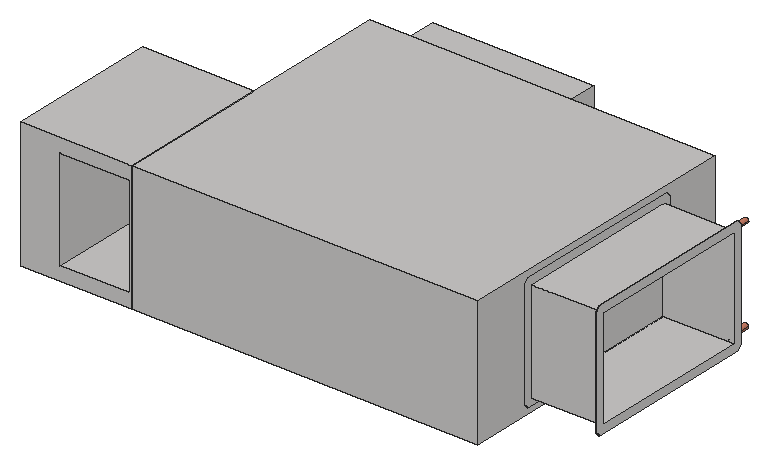
Revit family
Parameters
  Width = 3' - 1"
  Voltage = 120 V
  Unit Weight = if(and(Size Option = 1, Number of Rows = 1), "189.0 lbs", if(and(Size Option = 1, Number of Rows = 2), "192.0 lbs", if(and(Size Option = 2, Number of Rows = 1), "194.0 lbs", if(and(Size Option = 2, Number of Rows = 2), "197.0 lbs", "0"))))  # "189.0 lbs"
  UltraLoc Liner = Choose Liner Option = 3  # no
  URL = "http://www.titus-hvac.com/"
  UL = "181"
  Supply Air Flow [instance] = 0 CFM
  SteriLoc Liner = Choose Liner Option = 2  # no
  Size Option = 1
  Size C = Size Option = 2  # no
  Size B = Size Option = 1  # yes
  Secondary Material = Copper Connectors
  Primary Air Pressure Drop [instance] = 0.00 in-wg
  Primary Air Flow [instance] = 0 CFM
  Pressure [instance] = 0.00 psi
  Plenum Air Pressure Drop [instance] = 0.00 in-wg
  Plenum Air Flow [instance] = 0 CFM
  Outlet Width = 1' - 8 1/2"
  Outlet Height = 1' - 0 1/2"
  Number of Rows = 1
  Number of Poles = 1
  Nominal Width = Width + 0' 6 1/4"  # 3' - 7 1/4"
  Nominal Length = Length + 1' 1 7/8" + 0' 9"  # 5' - 5 7/8"
  Nominal Inlet Size = 0' - 6"
  Nominal Height = 1' - 4"
  NFPA = "90A"
  Motor Full Load Amps [instance] = 2.3 A
  Model = "DTFS-F"
  Min. Air Flow = 0 CFM
  Max. Air Flow = 500 CFM
  Material = Galvanized Steel
  Manufacturer = "Titus"
  Length = 3' - 7"
  Juction Box Offset = 0' - 2 7/8"
  Inlet Diameter = Nominal Inlet Size - 0' 0 1/8"  # 0' - 5 7/8"
  Induced Air Inlet Width = 1' - 1 7/8"
  Induced Air Inlet Offset = (Height - Induced Air Inlet Connection Height) / 2  # 0' - 1 11/16"
  Induced Air Inlet Height = 1' - 7"
  Induced Air Inlet Connection Width = 0' - 8 3/4"
  Induced Air Inlet Connection Height = 1' - 0 5/8"
  Induced Air Filter = no
  Height = 1' - 4"
  Heating Total Capacity [instance] = 0 Btu/h
  Heating Entering Water Temp = 0 °F
  Half Outlet Connection Width = Outlet Width / 2  # 0' - 10 1/4"
  Half Outlet Connection Height = Outlet Height / 2  # 0' - 6 1/4"
  Half Height Start = -(Height / 2)  # -0' - 8"
  Half Height End = Height / 2  # 0' - 8"
  HWC Option = HWC Section : B-C - 1 Row
  HWC Connector Radius = 5/16"
  HP-Motor = "1/6"
  Gallons Per Minute [instance] = 0 GPM
  Frequency = 60 Hz
  Flange Offset = 0' - 1"
  Filter Size = "11\"x14\""
  Fiber Free Liner = Choose Liner Option = 1  # no
  Fan Disconnect Switch = no
  Duct Radius = Nominal Inlet Size / 2  # 0' - 3"
  Description = "Ultra Quiet Series Fan Powered Terminal Unit, Direct Digital Control, Pressure Independent"
  Connector Vertical Offset = 0' - 11 3/4"
  HWC Connector Length = 0' - 3"
  Connector Horizontal Offset = if(Number of Rows = 1, 0' 0", if(Number of Rows = 2, 0' 1", 0' 0"))  # 0' - 0"
  Connection Void Radius = Connection Radius - 0' 0 1/4"  # 0' - 2 11/16"
  Connection Radius = Inlet Diameter / 2  # 0' - 2 15/16"
  Choose Liner Option = 0
  CADworks URL = "www.CADworks.net"
  Assembly Code = "D3040100"
  Apparent Power [instance] = Voltage * Motor Full Load Amps  # 276 VA
  Air Inlet Offset = 0' - 6"
  1/2" Fiberglass Liner = Choose Liner Option = 0  # yes
  1" Fiberglass Liner = Choose Liner Option = 4  # no
Reference planes (in)
  plane 1 "Center (Front/Back)": y = 0
  plane 2: z = 0
  plane 3 "Center (Left/Right)": x = 3
  plane 4: x = -18.5
  plane 5: x = 24.5
  plane 6: x = -15.625
  plane 7: x = -21.875
  plane 8: z = 0
  plane 9: y = -18.5
  plane 10: y = 18.5
  plane 11: y = 12.5
  plane 12: z = 0
  plane 13: x = 33.5
  plane 14: x = 32.5
  plane 15: y = 13.25
  plane 16: y = 10.25
  plane 17: z = 5.875
  plane 18: z = -5.875
  plane 19: x = 32.5
  plane 20: y = 24.75
  plane 21: x = -32.375
  plane 22: z = 8
  plane 23: z = -8
Forms (in)
  Extrusion 1, solid, material "Galvanized Steel" <- "Material"
    sketch origin (0, 0, 0) x (1, 0, 0) y (0, 1, 0)
      loop
        line (-18.5, 18.5) -> (-18.5, -18.5) -> (24.5, -18.5) -> (24.5, 18.5) -> (-18.5, 18.5)
    from -8 <- "Half Height Start" to 8 <- "Half Height End"
  Extrusion 2, solid, material "Galvanized Steel" <- "Material"
    sketch origin (0, 0, 0) x (1, 0, 0) y (0, 1, 0)
      loop
        line (-32.375, 0.5) -> (-32.375, -18.5) -> (-18.5, -18.5) -> (-18.5, 0.5) -> (-32.375, 0.5)
    from -8 <- "Half Height Start" to 8 <- "Half Height End"
  Extrusion 3, void
    sketch origin (0, -18.5, 0) x (1, 0, 0) y (0, 0, -1)
      loop
        line (-18.75, 6.3125) -> (-27.5, 6.3125) -> (-27.5, -6.3125) -> (-18.75, -6.3125) -> (-18.75, 6.3125)
    from 0 to 16
  Extrusion 4, solid, material "Galvanized Steel" <- "Material"
    sketch origin (3, 0, 30) x (1, 0, 0) y (0, 1, 0)
      loop
        line (-18.625, 18.5) -> (1.375, 18.5) -> (1.375, 24.75) -> (-18.625, 24.75) -> (-18.625, 18.5)
    from -36 to -24
  Extrusion 5, solid, material "Galvanized Steel" <- "Material"
    sketch origin (-24.875, -2, 0) x (0, 0, -1) y (0, 1, 0)
      loop
        circle (0, 14.5) r 2.9375
    from 3 to 6.375
  Extrusion 6, void
    sketch origin (-24.875, 0, 0) x (0, 1, 0) y (0, 0, 1)
      loop
        circle (12.5, 0) r 2.6875
    from 3 to 9.25
  Extrusion 7, void, detail levels fine
    sketch origin (33.5, -10.25, 6.25) x (0, 0, 1) y (0, -1, 0)
      loop
        line (-12.5, 0) -> (-12.5, -20.5) -> (0, -20.5) -> (0, 0) -> (-12.5, 0)
    from -0.0625 to 0
  Extrusion 8, solid, material "Copper Connectors" <- "Secondary Material", detail levels fine
    sketch origin (0, 0, 0) x (1, 0, 0) y (0, 0, 1)
      loop
        circle (32.5, 5.875) r 0.3125
    from -13.25 to -10.3125
  Extrusion 9, solid, material "Copper Connectors" <- "Secondary Material", detail levels fine
    sketch origin (0, 0, 0) x (1, 0, 0) y (0, 0, 1)
      loop
        circle (32.5, -5.875) r 0.3125
    from -13.25 to -10.3125
Cuts and joins
  Extrusion 3 cuts Extrusion 2
  Extrusion 6 cuts Extrusion 1
  Extrusion 6 cuts Extrusion 5
Dimensions and locks (in)
  "Length": plane 5 to plane 4
  equal spacing: plane 5, plane 3 "Center (Left/Right)", plane 4
  locked: Extrusion 4 to plane 6 at 0
  locked: Extrusion 4 to Extrusion 4 at 20
  "Juction Box Offset": plane 6 to plane 4
  locked: plane 4 to plane 7 at 3.375
  "Width": plane 9 to plane 10
  equal spacing: plane 9, plane 1 "Center (Front/Back)", plane 10
  locked: Extrusion 5 sketch curve to level at 0
  locked: Extrusion 5 sketch curve to plane 11 at 0
  locked: Extrusion 6 sketch curve to level at 0
  locked: Extrusion 6 sketch curve to plane 11 at 0
  locked: Extrusion 4 to Extrusion 4 at 6.25
  locked: Extrusion 4 to Extrusion 4 at 12
  equal spacing: Extrusion 4, plane 8, Extrusion 4
  "Air Inlet Offset": plane 10 to plane 11
  "Induced Air Inlet Height": cut or joined group of Extrusion 2, Extrusion 3 to cut or joined group of Extrusion 2, Extrusion 3
  locked: cut or joined group of Extrusion 5, Extrusion 6 to cut or joined group of Extrusion 5, Extrusion 6 at 3.375
  "Induced Air Inlet Connection Height": Extrusion 3 sketch curve to Extrusion 3 sketch curve
  "Induced Air Inlet Offset": Extrusion 3 sketch curve to cut or joined group of Extrusion 2, Extrusion 3
  "Induced Air Inlet Connection Width": Extrusion 3 sketch curve to Extrusion 3 sketch curve
  locked: Extrusion 3 sketch curve to cut or joined group of Extrusion 1, Extrusion 6 at 0.25
  locked: plane 5 to plane 13 at 9
  locked: plane 14 to plane 13 at 1
  locked: plane 17 to plane 18 at 11.75
  equal spacing: plane 17, plane 12, plane 18
  "Connector Horizontal Offset": plane 19 to plane 14
  "HWC Connector Length": plane 16 to plane 15
  locked: cut or joined group of Extrusion 2, Extrusion 3 to cut or joined group of Extrusion 2, Extrusion 3 at 16
  equal spacing: cut or joined group of Extrusion 2, Extrusion 3, plane 12, cut or joined group of Extrusion 2, Extrusion 3
  locked: cut or joined group of Extrusion 1, Extrusion 6 to cut or joined group of Extrusion 2, Extrusion 3 at 16
  equal spacing: cut or joined group of Extrusion 1, Extrusion 6, plane 12, cut or joined group of Extrusion 1, Extrusion 6
  locked: cut or joined group of Extrusion 2, Extrusion 3 to cut or joined group of Extrusion 2, Extrusion 3 at 13.875
  locked: nested 1 to cut or joined group of Extrusion 1, Extrusion 6 at 1.6875
  locked: cut or joined group of Extrusion 1, Extrusion 6 to nested 1 at 1.6875
  "Connection Radius": radius of Extrusion 5 sketch curve
  "Connection Void Radius": radius of Extrusion 6 sketch curve
  "HWC Connector Radius": radius of Extrusion 8 sketch curve
  "HWC Connector Radius": radius of Extrusion 9 sketch curve
  aligned and locked: plane 10 to Extrusion 4
  aligned and locked: plane 7 to cut or joined group of Extrusion 5, Extrusion 6
  aligned and locked: plane 9 to cut or joined group of Extrusion 2, Extrusion 3  (x3)
  aligned and locked: nested 1 to Extrusion 8
  aligned and locked: plane 15 to Extrusion 8
  aligned and locked: nested 1 to Extrusion 9
  aligned and locked: plane 15 to Extrusion 9
  aligned and locked: plane 5 to cut or joined group of Extrusion 1, Extrusion 6
  aligned and locked: cut or joined group of Extrusion 1, Extrusion 6 to plane 10
  aligned and locked: plane 9 to cut or joined group of Extrusion 1, Extrusion 6
  aligned and locked: cut or joined group of Extrusion 1, Extrusion 6 to plane 4
  aligned and locked: cut or joined group of Extrusion 1, Extrusion 6 to nested 1
  aligned and locked: cut or joined group of Extrusion 5, Extrusion 6 to cut or joined group of Extrusion 1, Extrusion 6
  aligned and locked: cut or joined group of Extrusion 2, Extrusion 3 to cut or joined group of Extrusion 1, Extrusion 6
  aligned and locked: Extrusion 6 to plane 7
  aligned and locked: plane 6 to Extrusion 6
  aligned and locked: plane 22 to cut or joined group of Extrusion 2, Extrusion 3
  aligned and locked: plane 22 to cut or joined group of Extrusion 1, Extrusion 6
  aligned and locked: plane 23 to cut or joined group of Extrusion 2, Extrusion 3
  aligned and locked: plane 23 to cut or joined group of Extrusion 1, Extrusion 6
  aligned and locked: plane 20 to Extrusion 4
  aligned and locked: plane 21 to cut or joined group of Extrusion 2, Extrusion 3
  aligned and locked: plane 13 to nested 1
Automatic sketch dimensions
  Extrusion 1 sketch curve to plane 4 = 0' - 0"
  Extrusion 1 sketch curve to plane 5 = 0' - 0"
  Extrusion 1 sketch curve to plane 9 = 0' - 0"
  Extrusion 1 sketch curve to plane 10 = 0' - 0"
  Extrusion 2 sketch curve to plane 4 = 0' - 0"
  Extrusion 2 sketch curve to plane 9 = 0' - 0"
  Extrusion 2 sketch curve to plane 1 "Center (Front/Back)" = 0' - 0 1/2"
  Extrusion 4 sketch curve to plane 6 = 0' - 0"
  Extrusion 4 sketch curve to plane 10 = 0' - 0"
  plane 3 "Center (Left/Right)" to Extrusion 4 sketch curve = 0' - 1 3/8"
  Extrusion 4 sketch curve to plane 10 = 0' - 6 1/4"
  Extrusion 2 sketch curve to plane 7 = 0' - 10 1/2"
  Extrusion 7 sketch curve to nested 1 = 0' - 0"  (x4)
  Extrusion 8 sketch curve to plane 17 = 0' - 0"
  Extrusion 8 sketch curve to plane 19 = 0' - 0"
  Extrusion 9 sketch curve to plane 14 = 0' - 0"
  Extrusion 9 sketch curve to plane 18 = 0' - 0"
Nested families (in)
  nested 1: "HWC Section" at (29, 0, 0) x (0, 1, 0) z (0, 0, 1), type <- "HWC Option", type "B-C - 1 Row"
Connectors (in)
  electrical at (-5.625, 24.75, 0), driven by "Apparent Power", driven by "Voltage", driven by "Number of Poles"
    settings: on Extrusion 4, index 8
  hvac at (-21.875, 12.5, 0), driven by "Duct Radius", driven by "Primary Air Pressure Drop", driven by "Primary Air Flow"
    settings: on cut or joined group of Extrusion 5, Extrusion 6, index 9
  hvac at (-23.125, -18.5, 0), driven by "Induced Air Inlet Connection Height", driven by "Induced Air Inlet Connection Width", driven by "Plenum Air Pressure Drop", driven by "Plenum Air Flow"
    settings: on cut or joined group of Extrusion 2, Extrusion 3, index 10
  hvac at (33.5, 0, 0), driven by "Outlet Height", driven by "Outlet Width", driven by "Supply Air Flow"
    settings: on Extrusion 7, index 11
  piping at (32.5, 13.25, 5.875), driven by "Gallons Per Minute", driven by "Pressure", driven by "HWC Connector Radius"
    settings: on Extrusion 8, index 12
  piping at (32.5, 13.25, -5.875), driven by "Gallons Per Minute", driven by "HWC Connector Radius", driven by "Pressure"
    settings: on Extrusion 9, index 13
Definition of nested family "HWC Section"
  Parameters (values of type "B-C - 1 Row")
    Visibility = yes
    Secondary Material = Copper Connectors
    Number of Rows = 1
    Material = Galvanized Steel
    Half Width = HWC Width / 2  # 0' - 10 1/4"
    Half Length-Start = -(HWC Length / 2)  # -0' - 4 1/2"
    Half Length-End = HWC Length / 2  # 0' - 4 1/2"
    HWC Connection Radius = 5/16"
    Flange Offset = 0' - 1"
    Duct Vertical Offset = HWC Height - 0' 0 1/2"  # 1' - 0"
    Duct Horizontal Offset = HWC Width - 0' 0 1/2"  # 1' - 8"
    Connector Vertical Offset = 0' - 11 3/4"
    HWC Width = 1' - 8 1/2"
    HWC Height = 1' - 0 1/2"
    HWC Length = 0' - 9"  # constant formula
    Gallons Per Minute = 0 GPM
    Connector Length = 0' - 3"
    Connector Horizontal Offset = 0' - 0"
  Types (5): name | Number of Rows | Half Width | Flange Offset | Duct Vertical Offset | Duct Horizontal Offset | Connector Vertical Offset | HWC Width | HWC Height | Connector Horizontal Offset
    (no name) | 1 | 0' - 10 1/4" | 0' - 1" | 1' - 0" | 1' - 8" | 0' - 11 3/4" | 1' - 8 1/2" | 1' - 0 1/2" | 0' - 0"
    B-C - 1 Row | 1 | 0' - 10 1/4" | 0' - 1" | 1' - 0" | 1' - 8" | 0' - 11 3/4" | 1' - 8 1/2" | 1' - 0 1/2" | 0' - 0"
    B-C - 2 Row | 2 | 0' - 10 1/4" | 0' - 1" | 1' - 0" | 1' - 8" | 0' - 11 3/4" | 1' - 8 1/2" | 1' - 0 1/2" | 0' - 1"
    D-E - 1 Row | 1 | 1' - 0 1/2" | 0' - 1 1/4" | 1' - 5" | 2' - 0 1/2" | 1' - 4 1/4" | 2' - 1" | 1' - 5 1/2" | 0' - 0"
    D-E - 2 Row | 2 | 1' - 0 1/2" | 0' - 1 1/4" | 1' - 5" | 2' - 0 1/2" | 1' - 4 3/4" | 2' - 1" | 1' - 5 1/2" | 0' - 1"
  Reference planes (in)
    plane 1 "Center (Front/Back)": y = 0
    plane 2: z = 0
    plane 3 "Center (Left/Right)": x = 0
    plane 4: x = -10.25
    plane 5: x = 10.25
    plane 6: y = 4.5
    plane 7: y = -4.5
    plane 8: z = 6.25
    plane 9: z = -6.25
    plane 10: z = 5.875
    plane 11: z = -5.875
    plane 12: y = 3.5
    plane 13: y = 3.5
    plane 14: x = 13.25
  Forms (in)
    Extrusion 1, solid, material "Galvanized Steel" <- "Material", visible <- "Visibility"
      sketch origin (0, 0, 0) x (1, 0, 0) y (0, 0, 1)
        loop
          line (-10.3125, 6.3125) -> (-10.3125, -6.3125) -> (10.3125, -6.3125) -> (10.3125, 6.3125) -> (-10.3125, 6.3125)
      from -4.375 <- "Half Length-Start" to 4.5 <- "Half Length-End"
    Extrusion 2, void, detail levels fine
      sketch origin (0, 0, 0) x (1, 0, 0) y (0, 0, 1)
        loop
          line (-10.25, -6.25) -> (10.25, -6.25) -> (10.25, 6.25) -> (-10.25, 6.25) -> (-10.25, -6.25)
      from -4.5 <- "Half Length-Start" to 4.5 <- "Half Length-End"
    Extrusion 3, solid, material "Copper Connectors" <- "Secondary Material", visible <- "Visibility"
      sketch origin (6, 2.625, 0) x (0, 1, 0) y (0, 0, 1)
        loop
          circle (0.875, -5.875) r 0.3125
      from 4.3125 to 7.25
    Extrusion 4, solid, material "Galvanized Steel" <- "Material", visible <- "Visibility"
      sketch origin (0, -4.375, 0) x (1, 0, 0) y (0, 0, 1)
        loop
          line (-10.25, 6.25) -> (-10.25, -6.25) -> (10.25, -6.25) -> (10.25, 6.25) -> (-10.25, 6.25)
        loop
          line (-11.25, 6.75) -> (-11.25, -6.75) -> (-10.75, -7.25) -> (10.75, -7.25) -> (11.25, -6.75) -> (11.25, 6.75) -> (10.75, 7.25) -> (-10.75, 7.25) -> (-11.25, 6.75)
      from 0 to 0.125
    Extrusion 5, solid, material "Copper Connectors" <- "Secondary Material", visible <- "Visibility"
      sketch origin (6, -0.5, 0) x (0, 1, 0) y (0, 0, 1)
        loop
          circle (4, 5.875) r 0.3125
      from 4.3125 to 7.25
    Extrusion 6, solid, material "Galvanized Steel" <- "Material", visible <- "Visibility"
      sketch origin (0, 4.375, 0) x (1, 0, 0) y (0, 0, -1)
        loop
          line (-10.25, -6.25) -> (10.25, -6.25) -> (10.25, 6.25) -> (-10.25, 6.25) -> (-10.25, -6.25)
        loop
          line (-11.25, -6.75) -> (-10.75, -7.25) -> (10.75, -7.25) -> (11.25, -6.75) -> (11.25, 6.75) -> (10.75, 7.25) -> (-10.75, 7.25) -> (-11.25, 6.75) -> (-11.25, -6.75)
      from 0 to 0.125
  Cuts and joins
    Extrusion 2 cuts Extrusion 1
    joined: Extrusion 1, Extrusion 4, Extrusion 6
  Dimensions and locks (in)
    "HWC Width": plane 4 to plane 5
    equal spacing: plane 4, plane 3 "Center (Left/Right)", plane 5
    "HWC Height": plane 8 to plane 9
    equal spacing: plane 8, plane 2, plane 9
    equal spacing: plane 10, plane 2, plane 11
    locked: plane 12 to plane 6 at 1
    "Connector Horizontal Offset": plane 13 to plane 12
    locked: plane 7 to Extrusion 4 at 0.125
    locked: Extrusion 6 to plane 6 at 0.125
    locked: plane 4 to Extrusion 1 sketch curve at 0.0625
    locked: Extrusion 4 to Extrusion 1 sketch curve at 0.0625
    locked: Extrusion 1 sketch curve to plane 8 at 0.0625
    locked: plane 9 to Extrusion 1 sketch curve at 0.0625
    "Connector Length": plane 5 to plane 14
    "HWC Length": plane 6 to plane 7
    equal spacing: plane 6, plane 1 "Center (Front/Back)", plane 7
    "Connector Vertical Offset": plane 10 to plane 11
    equal spacing: plane 10, level, plane 11
    "HWC Width": Extrusion 4 sketch curve to Extrusion 4 sketch curve
    equal spacing: Extrusion 4 sketch curve, plane 3 "Center (Left/Right)", Extrusion 4 sketch curve
    "HWC Height": Extrusion 4 sketch curve to Extrusion 4 sketch curve
    equal spacing: Extrusion 4 sketch curve, plane 2, Extrusion 4 sketch curve
    "Flange Offset": cut or joined group of Extrusion 1, Extrusion 2, Extrusion 4, Extrusion 6 to plane 8
    "Flange Offset": plane 9 to cut or joined group of Extrusion 1, Extrusion 2, Extrusion 4, Extrusion 6
    locked: cut or joined group of Extrusion 1, Extrusion 2, Extrusion 4, Extrusion 6 to plane 4 at 1  (x2)
    locked: cut or joined group of Extrusion 1, Extrusion 2, Extrusion 4, Extrusion 6 to plane 5 at 1  (x2)
    "HWC Width": Extrusion 6 sketch curve to Extrusion 6 sketch curve
    "HWC Height": Extrusion 6 sketch curve to Extrusion 6 sketch curve
    equal spacing: Extrusion 6 sketch curve, plane 3 "Center (Left/Right)", Extrusion 6 sketch curve
    equal spacing: Extrusion 6 sketch curve, plane 2, Extrusion 6 sketch curve
    "HWC Height": Extrusion 2 sketch curve to Extrusion 2 sketch curve
    "HWC Width": Extrusion 2 sketch curve to Extrusion 2 sketch curve
    equal spacing: Extrusion 2 sketch curve, plane 3 "Center (Left/Right)", Extrusion 2 sketch curve
    equal spacing: Extrusion 2 sketch curve, plane 2, Extrusion 2 sketch curve
    locked: plane 5 to Extrusion 3 at 0.0625
    locked: plane 5 to Extrusion 5 at 0.0625
    "Flange Offset": Extrusion 6 sketch curve to plane 8  (x2)
    "Flange Offset": plane 9 to Extrusion 6 sketch curve  (x2)
    "HWC Connection Radius": radius of Extrusion 3 sketch curve
    "HWC Connection Radius": radius of Extrusion 5 sketch curve
    aligned and locked: plane 7 to Extrusion 4
    aligned and locked: plane 6 to Extrusion 6
    aligned and locked: plane 14 to Extrusion 5
    aligned and locked: plane 14 to Extrusion 3
    aligned and locked: Extrusion 6 to cut or joined group of Extrusion 1, Extrusion 2, Extrusion 4, Extrusion 6
    aligned and locked: Extrusion 4 to Extrusion 4
  Automatic sketch dimensions
    Extrusion 3 sketch curve to plane 11 = 0' - 0"
    Extrusion 3 sketch curve to plane 12 = 0' - 0"
    plane 4 to Extrusion 4 sketch curve = 0' - 1"
    plane 4 to Extrusion 4 sketch curve = 0' - 0 1/2"  (x2)
    Extrusion 4 sketch curve to plane 5 = 0' - 0 1/2"  (x2)
    Extrusion 4 sketch curve to Extrusion 4 sketch curve = 0' - 0 1/2"  (x3)
    Extrusion 4 sketch curve to plane 9 = 0' - 0 1/2"  (x2)
    plane 8 to Extrusion 4 sketch curve = 0' - 0 1/2"  (x2)
    Extrusion 5 sketch curve to plane 10 = 0' - 0"
    Extrusion 5 sketch curve to plane 13 = 0' - 0"
    plane 4 to Extrusion 6 sketch curve = 0' - 1"
    plane 4 to Extrusion 6 sketch curve = 0' - 0 1/2"  (x2)
    Extrusion 6 sketch curve to plane 5 = 0' - 0 1/2"  (x2)
    Extrusion 6 sketch curve to Extrusion 6 sketch curve = 0' - 0 1/2"  (x2)
    plane 8 to Extrusion 6 sketch curve = 0' - 0 1/2"  (x2)
    Extrusion 6 sketch curve to plane 9 = 0' - 0 1/2"
